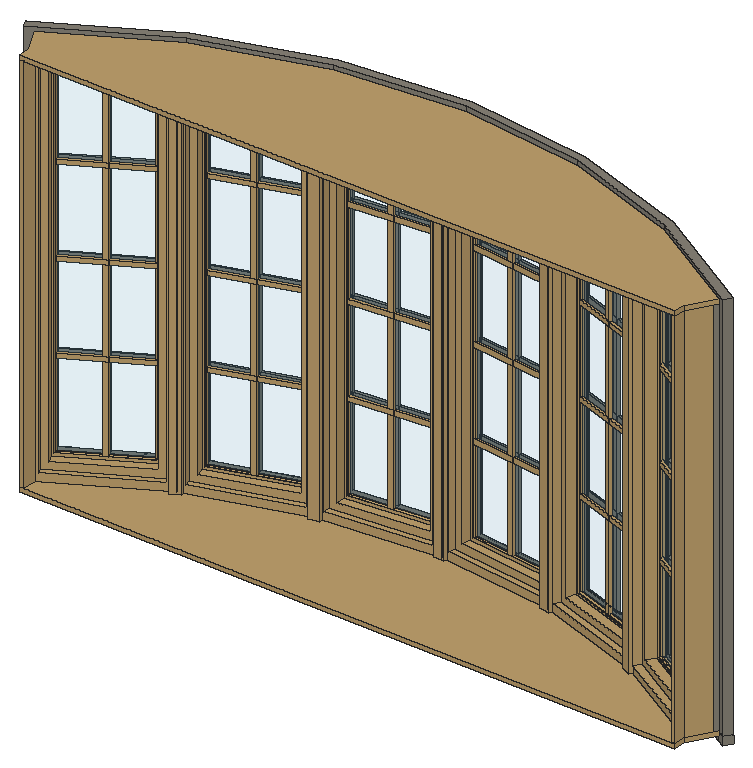
Revit family
Parameters (values of type "CUCABB_BOW_6W")
  Window Type = "Clad Ultimate Casement Bow-6 Wide"
  Void Offset_C3 = if(Casing Visibility, 0' 0", 0' 10")  # 0' - 0"
  Void Offset_SB = if(Sill Board Visibility, 0' 0 11/16", 0' 0")  # 0' - 0 11/16"
  Void Offset_S = if(Subsill A217 Visibility, 0' 1 11/32", if(Sill Board Visibility, 0' 0 11/16", if(Subsill A246 Visibility, 0' 0 9/16", 0' 0")))  # 0' - 1 11/32"
  Void Offset_HB = if(Head Board Visibility, 0' 0 11/16", 0' 0")  # 0' - 0 11/16"
  Void Offset_H = if(Flat Casing Visibility, 0' 3", if(BMC Visibility, 0' 1 5/16", if(Head Board Visibility, 0' 0 11/16", 0' 0")))  # 0' - 1 5/16"
  Void Offset_C2 = if(Flat Casing Visibility, 0' 3", 0' 1 5/16")  # 0' - 1 5/16"
  Void Offset_C = if(Casing Visibility, 0' 0", 0' 9")  # 0' - 0"
  Vent Area = VO Width * VO Height * 2  # 6.30606 SF
  VO Width = if(Unit Width < 1' 8", Unit Width - 0' 9 19/32", Unit Width - 0' 7 7/64")  # 0' - 8 13/32"
  VO Height = Height Without Seat_Head Board - 0' 5 29/256"  # 4' - 6 3/256"
  Unit Width = Nominal Unit Width  # 1' - 6"
  URL = "www.marvin.com"
  Subsill Height = if(Subsill A217 Visibility, 0' 1 11/32", 0' 0 9/16")  # 0' - 1 11/32"
  R = (Unit Width * cos(30.00°) + (Unit Width * cos(18.00°) + Unit Width * cos(6.00°))) * 2  # 8' - 5.21774"
  Prairie Corner Width = 0' - 4"
  Prairie Corner Height = 0' - 4"
  Offset_3 [instance] = if(not(Casing Visibility), 0' 0 1/16", if(Inset to Installation Flange > 0' 0 9/16", 0' 1", 0' 0"))  # 0' - 1"
  Offset_2 [instance] = if(not(Casing Visibility), 0' 0 1/16", if(Inset to Installation Flange < 0' 1", 0' 1", 0' 0"))  # 0' - 0"
  Offset [instance] = 0' 4 9/16" - Casing Offset + Inset to Installation Flange  # 0' - 4 29/32"
  Nominal Unit Width = 1' - 6"
  Muntins Interior Material = Wood-Marvin-Pine
  Muntins Exterior Material = Aluminum-Marvin-Bronze
  Lites Wide = 2
  Lite Cut Prairie 9 = no
  Lite Cut HV Grid = not(Lite Cut Prairie 9)  # yes
  Interior Material = Wood-Marvin-Pine
  Head Board Visibility = yes
  Sill Board Visibility = yes
  Projection = (Unit Width * sin(30.00°)) + (Unit Width * sin(18.00°)) + (Unit Width * sin(6.00°)) + (0' 4 9/16" - (0' 4 9/16" * cos(30.00°)))  # 1' - 5.05508"
  Glazing Material = Glass-Marvin-IG Low E II with Argon
  Frame = "Aluminum Clad"
  Elevation Swing Visibility = yes
  Design Pressure = "DP50"
  Cladding Material = Aluminum-Marvin-Bronze
  Casing Width = if(BMC Visibility, 0' 1 5/16", 0' 3")  # 0' - 1 5/16"
  Casing Visibility = yes
  Subsill Visibility = yes
  Casing Offset = if(BMC Visibility, 0' 0 21/32", if(Flat Casing Visibility, 0' 1 1/2", 0' 0"))  # 0' - 0 21/32"
  BMC Visibility = and(Casing Visibility, BMC)  # yes
  Flat Casing Visibility = and(Casing Visibility, Flat Casing)  # no
  Subsill A246 Visibility = and(Subsill Visibility, Subsill A246)  # no
  Subsill A217 Visibility = and(Subsill Visibility, Subsill A217)  # yes
  BMC = yes
  Flat Casing = not(BMC)  # no
  Subsill A246 = no
  Subsill A217 = not(Subsill A246)  # yes
  Nominal Height = 5' - 0"
  Model = "CUCABB_BOW_6W"
  Manufacturer = "Marvin Windows and Doors"
  Lites High = 4
  Label Visibility = no
  Height With Seat_Head Board = Nominal Height + 0' 0 1/2"  # 5' - 0 1/2"
  Height Without Seat_Head Board = Nominal Height - 0' 0 7/8"  # 4' - 11 1/8"
  Glass Type = "IG Low E II with Argon"
  Family created by (URL) = "www.rbuiltcomponents.com"
  Rough Width = R + 0' 4 15/16"  # 8' - 10.15524"
  Rough Height = Height + 0' 0 1/2"  # 5' - 1"
  Muntins Interior Visibility = yes
  Muntins Exterior Visibility = yes
  Inset to Installation Flange [instance] = 0' - 1"
  Height = if(and(Head Board Visibility, Sill Board Visibility), Nominal Height + 0' 0 1/2", if(or(Head Board Visibility, Sill Board Visibility), Nominal Height - 0' 0 3/16", Nominal Height - 0' 0 7/8"))  # 5' - 0 1/2"
  Description = "CSMT BOW"
  Default Head Height = 8' - 0"
  Wall Closure = (empty or 0)
  Width = Rough Width  # 8' - 10.15524"
  Daylight Area = DLO Width * DLO Height * 6  # 27.0728 SF
  DLO Width = Unit Width - 0' 5 13/16"  # 1' - 0 3/16"
  DLO Height = Height Without Seat_Head Board - 0' 5 13/16"  # 4' - 5 5/16"
  Assembly Code = ""
Reference planes
  plane 1 "Center (Front/Back)": y = 165.864
  plane 2: z = 0
  plane 3 "Center (Left/Right)": x = -76.2
  plane 4 "Sill": z = 919.163
  plane 5 "Top": z = 2420.938
  plane 6 "Inset": y = 233.332
  plane 7 "Jamb Ext Face": y = 117.445
  plane 8: z = 1670.05
  plane 9: y = 132.973
  plane 10 "HB": z = 2438.4
  plane 11 "SB": z = 901.7
  plane 12 "Offset_H": z = 2454.275
  plane 13 "Offset_S": z = 885.031
  plane 14 "Subsill": z = 885.031
  plane 15 "Offset_HB": z = 2438.4
  plane 16 "Offset_SB": z = 901.7
  plane 17 "Casing": z = 2454.275
  plane 18: x = -1361.665
  plane 19: x = 1209.265
  plane 20: x = -1424.372
  plane 21: x = 1271.972
  plane 22: y = 666.531
Forms (mm)
  Extrusion 1, void
    sketch origin (0, 0, 919.163) x (0, -1, 0) y (1, 0, 0)
      loop
        line (-132.973, -1361.665) -> (-89.664, -1361.665) -> (-89.664, 1209.265) -> (-132.973, 1209.265) -> (-132.973, -1361.665)
    from -17.462 to 1519.237
  Extrusion 2, void
    sketch origin (0, 0, 919.163) x (0, -1, 0) y (1, 0, 0)
      loop
        line (-242.064, -1424.649) -> (-132.973, -1361.665) -> (-132.973, 1209.265) -> (-242.064, 1272.249) -> (-242.064, -1424.649)
    from -34.131 to 1535.113
  Extrusion 3, solid, material "Wood-Marvin-Pine" <- "Interior Material", visible <- "Head Board Visibility"
    sketch origin (0, 0, 2420.938) x (0, -1, 0) y (1, 0, 0)
      loop
        line (-132.973, 1209.265) -> (-233.334, 1267.209) -> (-468.024, 860.714) -> (-616.835, 402.722) -> (-667.171, -76.2) -> (-616.835, -555.122) -> (-468.024, -1013.114) -> (-233.334, -1419.609) -> (-132.973, -1361.665) -> (-89.664, -1361.665) -> (-89.664, 1209.265) -> (-132.973, 1209.265)
    from 17.462 to 0
  Sweep 4, solid, material "Aluminum-Marvin-Bronze" <- "Cladding Material", visible <- "Flat Casing Visibility"
    path in 3D
      loop
        line (-1448.483, 216.664, 885.031) -> (-1448.483, 216.664, 2454.275) -> (-1013.114, 468.024, 2454.275) -> (-555.122, 616.835, 2454.275) -> (-76.2, 667.171, 2454.275) -> (402.722, 616.835, 2454.275) -> (860.714, 468.024, 2454.275) -> (1296.083, 216.664, 2454.275) -> (1296.083, 216.664, 885.031)
    profile "Flat_Casing_Clad : Flat_Casing_Clad" origin (-1448.483, 216.664, 1669.653) x (1, 0, 0) y (0, 1, 0)
      loop
        line (52.101, 62.159) -> (-13.891, 24.059) -> (0, 0) -> (65.991, 38.1) -> (52.101, 62.159)
  Sweep 5, solid, material "Aluminum-Marvin-Bronze" <- "Cladding Material", visible <- "Subsill Visibility"
    path in 3D
      loop
        line (1296.083, 216.664, 885.031) -> (860.714, 468.024, 885.031) -> (402.722, 616.835, 885.031) -> (-76.2, 667.171, 885.031) -> (-555.122, 616.835, 885.031) -> (-1013.114, 468.024, 885.031) -> (-1448.483, 216.664, 885.031)
    profile origin (1078.398, 342.344, 885.031) x (-0.5, -0.866025, 0) y (0, 0, 1)
      loop
        line (0, 34.131) -> (-27.788, 34.131) -> (-27.788, 30.254) -> (-34.131, 29.369) -> (-34.131, 0) -> (0, 0) -> (0, 34.131)
  Sweep 6, solid, material "Aluminum-Marvin-Bronze" <- "Cladding Material", visible <- "BMC Visibility"
    path in 3D
      loop
        line (-1448.483, 216.664, 885.031) -> (-1448.483, 216.664, 2454.275) -> (-1013.114, 468.024, 2454.275) -> (-555.122, 616.835, 2454.275) -> (-76.2, 667.171, 2454.275) -> (402.722, 616.835, 2454.275) -> (860.714, 468.024, 2454.275) -> (1296.083, 216.664, 2454.275) -> (1296.083, 216.664, 885.031)
    profile "BMC_Clad : BMC_Clad" origin (-1448.483, 216.664, 1669.653) x (1, 0, 0) y (0, 1, 0)
      loop
        line (-2.75, 35.073) -> (-15.873, 27.496) -> (0.002, 0) -> (28.873, 16.669) -> (14.982, 40.728) -> (6.605, 35.892) -> (-2.75, 35.073)
  Extrusion 7, solid, material "Wood-Marvin-Pine" <- "Interior Material", visible <- "Sill Board Visibility"
    sketch origin (0, 0, 919.163) x (0, -1, 0) y (1, 0, 0)
      loop
        line (-132.973, 1209.265) -> (-233.334, 1267.209) -> (-468.024, 860.714) -> (-616.835, 402.722) -> (-667.171, -76.2) -> (-616.835, -555.122) -> (-468.024, -1013.114) -> (-233.334, -1419.609) -> (-132.973, -1361.665) -> (-89.664, -1361.665) -> (-89.664, 1209.265) -> (-132.973, 1209.265)
    from 0 to -17.462
  Extrusion 8, void
    sketch origin (16.33, -540.701, 919.163) x (0, -1, 0) y (1, 0, 0)
      loop
        line (-757.364, 1279.753) -> (-1008.725, 844.383) -> (-1157.535, 386.392) -> (-1207.872, -92.53) -> (-1157.535, -571.453) -> (-1008.725, -1029.444) -> (-757.364, -1464.814) -> (-757.364, 1279.753)
    from -34.131 to 1535.113
  Extrusion 9, solid, material "Wood-Marvin-Pine" <- "Interior Material"
    sketch origin (6.34, 3.211, 919.163) x (0, -1, 0) y (1, 0, 0)
      loop
        line (-86.453, -1368.006) -> (-86.453, -1352.924) -> (-138.469, -1352.924) -> (-129.762, -1368.006) -> (-86.453, -1368.006)
      loop
        line (-86.453, 1202.925) -> (-129.762, 1202.925) -> (-138.462, 1187.856) -> (-86.453, 1187.856) -> (-86.453, 1202.925)
    from 0 to 1501.775
  Extrusion 10, void
    sketch origin (0, 0, 919.163) x (0, -1, 0) y (1, 0, 0)
      loop
        line (-233.334, -1419.609) -> (-497.299, -1572.009) -> (-480.63, -1600.88) -> (-216.665, -1448.48) -> (-233.334, -1419.609)
      loop
        line (-233.334, 1267.209) -> (-216.665, 1296.08) -> (-480.63, 1448.48) -> (-497.299, 1419.609) -> (-233.334, 1267.209)
    from -34.131 to 1535.113
Cuts and joins
  Extrusion 10 cuts Extrusion 3
  Extrusion 10 cuts Extrusion 7
Lines and regions (mm)
  Masking region 1
    outline origin (-76.2, 190.5, 0) x (0, 1, 0) y (0, 0, 1)
      loop
        line (501.65, 2420.938) -> (-100.836, 2420.938) -> (-100.836, 919.163) -> (501.65, 919.163) -> (501.65, 2420.938)
  Masking region 2, visible <- "BMC Visibility", detail levels fine
    outline origin (0, 0, 919.163) x (0, -1, 0) y (1, 0, 0)
      loop
        line (-257.392, -1433.501) -> (-252.555, -1441.878) -> (-251.737, -1451.233) -> (-244.16, -1464.357) -> (-216.664, -1448.482) -> (-233.332, -1419.611) -> (-257.392, -1433.501)
      loop
        line (-257.392, 1281.101) -> (-233.332, 1267.211) -> (-216.664, 1296.082) -> (-244.16, 1311.957) -> (-251.737, 1298.833) -> (-252.555, 1289.478) -> (-257.392, 1281.101)
  Masking region 3, visible <- "Flat Casing Visibility", detail levels fine
    outline origin (0, 0, 919.163) x (0, -1, 0) y (1, 0, 0)
      loop
        line (-216.664, -1448.483) -> (-254.764, -1382.492) -> (-278.823, -1396.383) -> (-240.723, -1462.374) -> (-216.664, -1448.483)
      loop
        line (-216.664, 1296.083) -> (-240.728, 1309.977) -> (-278.828, 1243.986) -> (-254.764, 1230.092) -> (-216.664, 1296.083)
  Masking region 4, visible <- "Subsill Visibility"
    outline origin (-1194.048, 0, 0) x (0, -1, 0) y (0, 0, 1)
      loop
        line (-132.973, 919.163) -> (-695.112, 919.163) -> (-695.112, 915.285) -> (-701.491, 914.4) -> (-701.491, 885.031) -> (-132.973, 885.031) -> (-132.973, 919.163)
  Masking region 5, visible <- "Sill Board Visibility"
    outline origin (-1194.048, 0, 0) x (0, -1, 0) y (0, 0, 1)
      loop
        line (-666.531, 919.163) -> (-666.531, 901.7) -> (-89.664, 901.7) -> (-89.664, 919.163) -> (-666.531, 919.163)
  Masking region 6, visible <- "Casing Visibility"
    outline origin (-1194.048, 0, 0) x (0, -1, 0) y (0, 0, 1)
      loop
        line (-694.319, 2454.275) -> (-694.319, 2420.938) -> (-132.973, 2420.938) -> (-132.973, 2454.275) -> (-694.319, 2454.275)
  Masking region 7, visible <- "Head Board Visibility"
    outline origin (-1194.048, 0, 0) x (0, -1, 0) y (0, 0, 1)
      loop
        line (-666.531, 2438.4) -> (-666.531, 2420.938) -> (-89.664, 2420.938) -> (-89.664, 2438.4) -> (-666.531, 2438.4)
  Masking region 8, visible <- "BMC Visibility", detail levels coarse+medium
    outline origin (0, 0, 919.163) x (0, -1, 0) y (1, 0, 0)
      loop
        line (-257.392, -1433.501) -> (-252.555, -1441.878) -> (-251.737, -1451.233) -> (-244.16, -1464.357) -> (-216.664, -1448.482) -> (-233.333, -1419.611) -> (-257.392, -1433.501)
      loop
        line (-257.392, 1281.101) -> (-233.332, 1267.211) -> (-216.664, 1296.082) -> (-244.16, 1311.957) -> (-251.737, 1298.833) -> (-252.555, 1289.478) -> (-257.392, 1281.101)
  Masking region 9, visible <- "Flat Casing Visibility", detail levels coarse+medium
    outline origin (0, 0, 919.163) x (0, -1, 0) y (1, 0, 0)
      loop
        line (-216.664, -1448.483) -> (-254.764, -1382.492) -> (-278.823, -1396.383) -> (-240.723, -1462.374) -> (-216.664, -1448.483)
      loop
        line (-216.664, 1296.083) -> (-240.728, 1309.977) -> (-278.828, 1243.986) -> (-254.764, 1230.092) -> (-216.664, 1296.083)
  Masking region 10, visible <- "Sill Board Visibility"
    outline origin (0, 0, 919.163) x (0, -1, 0) y (1, 0, 0)
      loop
        line (-89.664, 1209.265) -> (-132.973, 1209.265) -> (-361.573, 813.318) -> (-502.855, 378.495) -> (-550.645, -76.2) -> (-502.855, -530.895) -> (-361.573, -965.718) -> (-132.973, -1361.665) -> (-89.664, -1361.665) -> (-89.664, 1209.265)
  Masking region 11
    outline origin (0, 0, 919.163) x (0, -1, 0) y (1, 0, 0)
      loop
        line (-141.68, -1346.584) -> (-361.573, -965.718) -> (-502.855, -530.895) -> (-550.645, -76.2) -> (-502.855, 378.495) -> (-361.573, 813.318) -> (-141.672, 1194.197) -> (-89.664, 1194.197) -> (-89.664, 1209.265) -> (-132.973, 1209.265) -> (-257.399, 1281.103) -> (-493.549, 872.078) -> (-644.165, 408.532) -> (-695.112, -76.2) -> (-644.165, -560.932) -> (-493.549, -1024.478) -> (-257.399, -1433.503) -> (-132.973, -1361.665) -> (-89.664, -1361.665) -> (-89.664, -1346.584) -> (-141.68, -1346.584)
  symbolic lines, style "WindowsFrameMullionProjection", detail levels coarse+medium
    curve 1: line (-76.2, 694.319, 2420.937) -> (-76.2, 694.319, 2390.762)
    curve 2: line (-76.2, 694.319, 2390.762) -> (-76.2, 550.657, 2390.762)
    curve 3: line (-76.2, 550.657, 2390.762) -> (-76.2, 550.657, 2420.938)
    curve 4: line (-76.2, 657.235, 2390.762) -> (-76.2, 657.235, 2347.379)
    curve 5: line (-76.2, 657.235, 2347.379) -> (-76.2, 616.062, 2347.379)
    curve 6: line (-76.2, 616.062, 949.338) -> (-76.2, 616.062, 992.721)
    curve 7: line (-76.2, 694.321, 919.163) -> (-76.2, 694.321, 949.338)
    curve 8: line (-76.2, 694.321, 949.338) -> (-76.2, 550.657, 949.338)
    curve 9: line (-76.2, 550.657, 949.338) -> (-76.2, 550.657, 919.163)
    curve 10: line (-76.2, 657.235, 992.721) -> (-76.2, 616.062, 992.721)
    curve 11: line (-76.2, 616.062, 992.721) -> (-76.2, 616.062, 2347.379)
    curve 12: line (-76.2, 657.235, 992.721) -> (-76.2, 657.235, 949.338)
    curve 13: line (-76.2, 616.062, 2347.379) -> (-76.2, 616.062, 2390.762)
    curve 14: line (-76.2, 657.235, 2347.379) -> (-76.2, 657.235, 992.721)
    curve 19: line (-1194.048, 695.112, 919.163) -> (-1194.048, 550.657, 919.163)
    curve 29: line (-1194.048, 550.657, 2420.938) -> (-1194.048, 694.319, 2420.938)
    curve 60: line (-1346.584, 89.664, 919.163) -> (-1361.665, 89.664, 919.163)
    curve 61: line (-1346.584, 137.873, 919.163) -> (-1346.584, 89.664, 919.163)
    curve 62: line (1209.265, 89.664, 919.163) -> (1194.184, 89.664, 919.163)
    curve 63: line (1194.184, 89.664, 919.163) -> (1194.184, 141.68, 919.163)
  symbolic lines, style "WindowsFrameMullionProjection"
    curve 15: line (-76.2, 550.657, 949.338) -> (-76.2, 550.657, 2390.762)
    curve 42: line (-1194.048, 346.496, 2347.379) -> (-1194.048, 233.197, 2347.379)
    curve 43: line (-1194.048, 233.197, 2347.379) -> (-1194.048, 233.197, 992.721)
    curve 44: line (-1194.048, 233.197, 992.721) -> (-1194.048, 346.496, 992.721)
    curve 45: line (-1194.048, 346.496, 2390.762) -> (-1194.048, 148.071, 2390.762)
    curve 46: line (-1194.048, 148.071, 949.338) -> (-1194.048, 346.496, 949.338)
    curve 47: line (-1194.048, 218.859, 2390.762) -> (-1194.048, 218.859, 949.338)
    curve 48: line (-1194.048, 132.984, 919.163) -> (-1194.048, 132.984, 2420.938)
    curve 49: line (-1194.048, 148.071, 949.338) -> (-1194.048, 148.071, 2390.762)
    curve 50: line (-1194.048, 346.496, 949.338) -> (-1194.048, 346.496, 2390.762)
    curve 55: line (-1194.048, 493.543, 2390.762) -> (-1194.048, 370.909, 2390.762)
    curve 56: line (-1194.048, 370.909, 949.338) -> (-1194.048, 493.543, 949.338)
    curve 57: line (-1194.048, 370.909, 949.338) -> (-1194.048, 370.909, 2390.762)
    curve 58: line (-1194.048, 493.543, 949.338) -> (-1194.048, 493.543, 2390.762)
    curve 59: line (-1194.048, 361.584, 919.163) -> (-1194.048, 361.584, 2420.938)
    curve 87: line (-1194.048, 447.46, 2347.379) -> (-1194.048, 493.543, 2347.379)
    curve 88: line (-1194.048, 493.543, 992.721) -> (-1194.048, 447.46, 992.721)
    curve 89: line (-1194.048, 447.46, 2347.379) -> (-1194.048, 447.46, 992.721)
    curve 90: line (-1194.048, 441.856, 2390.762) -> (-1194.048, 441.856, 949.338)
    curve 91: line (-1194.048, 550.657, 2390.762) -> (-1194.048, 506.022, 2390.762)
    curve 92: line (-1194.048, 506.022, 949.338) -> (-1194.048, 550.657, 949.338)
    curve 93: line (-1194.048, 506.022, 949.338) -> (-1194.048, 506.022, 2390.762)
    curve 94: line (-1194.048, 502.868, 919.163) -> (-1194.048, 502.868, 2420.938)
  symbolic lines, style "WindowsGlassProjection", detail levels coarse+medium
    curve 16: line (-1194.048, 636.648, 992.721) -> (-1194.048, 636.648, 2347.379)
  symbolic lines, style "Jamb Extension", visible <- "Subsill Visibility", detail levels fine
    curve 17: line (-1194.048, 701.491, 885.031) -> (-1194.048, 666.531, 885.031)
    curve 18: line (-1194.048, 666.531, 885.031) -> (-1194.048, 666.531, 919.163)
  symbolic lines, style "WindowsFrameMullionProjection", visible <- "Subsill Visibility", detail levels coarse+medium
    curve 20: line (-1194.048, 695.112, 919.163) -> (-1194.048, 695.112, 915.285)
    curve 21: line (-1194.048, 695.112, 915.285) -> (-1194.048, 701.491, 914.4)
    curve 22: line (-1194.048, 701.491, 914.4) -> (-1194.048, 701.491, 885.031)
    curve 23: line (-1194.048, 701.491, 885.031) -> (-1194.048, 666.531, 885.031)
    curve 24: line (-1194.048, 666.531, 885.031) -> (-1194.048, 666.531, 919.163)
  symbolic lines, style "WindowsFrameMullionProjection", visible <- "Sill Board Visibility", detail levels coarse+medium
    curve 25: line (-1194.048, 89.664, 919.163) -> (-1194.048, 666.531, 919.163)
    curve 26: line (-1194.048, 666.531, 901.7) -> (-1194.048, 89.664, 901.7)
    curve 27: line (-1194.048, 89.664, 901.7) -> (-1194.048, 89.664, 919.163)
    curve 28: line (-1194.048, 666.531, 919.163) -> (-1194.048, 666.531, 901.7)
  symbolic lines, style "WindowsFrameMullionProjection", visible <- "Head Board Visibility", detail levels coarse+medium
    curve 30: line (-1194.048, 666.531, 2438.4) -> (-1194.048, 89.664, 2438.4)
    curve 31: line (-1194.048, 666.531, 2420.938) -> (-1194.048, 666.531, 2438.4)
    curve 32: line (-1194.048, 89.664, 2420.938) -> (-1194.048, 666.531, 2420.938)
    curve 33: line (-1194.048, 89.664, 2438.4) -> (-1194.048, 89.664, 2420.938)
  symbolic lines, style "WindowsFrameMullionProjection", visible <- "Casing Visibility", detail levels coarse+medium
    curve 34: line (-1194.048, 694.319, 2454.275) -> (-1194.048, 666.531, 2454.275)
    curve 35: line (-1194.048, 694.319, 2420.938) -> (-1194.048, 694.319, 2454.275)
    curve 36: line (-1194.048, 666.531, 2420.938) -> (-1194.048, 694.319, 2420.938)
    curve 37: line (-1194.048, 666.531, 2454.275) -> (-1194.048, 666.531, 2420.938)
  symbolic lines, style "Jamb Extension", visible <- "Casing Visibility", detail levels fine
    curve 38: line (-1194.048, 694.319, 2454.275) -> (-1194.048, 666.531, 2454.275)
    curve 39: line (-1194.048, 694.319, 2420.938) -> (-1194.048, 694.319, 2454.275)
    curve 40: line (-1194.048, 666.531, 2420.938) -> (-1194.048, 694.319, 2420.938)
    curve 41: line (-1194.048, 666.531, 2454.275) -> (-1194.048, 666.531, 2420.938)
  symbolic lines, style "Elevation Swing", visible <- "Elevation Swing Visibility"
    curve 51: line (896.618, 604.46, 932.397) -> (1267.211, 604.46, 1670.05)
    curve 52: line (1267.211, 604.46, 1670.05) -> (896.618, 604.46, 2407.703)
    curve 53: line (-1049.018, 604.46, 932.397) -> (-1419.611, 604.46, 1670.05)
    curve 54: line (-1419.611, 604.46, 1670.05) -> (-1049.018, 604.46, 2407.703)
  sketch lines
    curve 64: line (-1448.483, 216.664, 885.031) -> (-1448.483, 216.664, 2454.275)
    curve 65: line (-1448.483, 216.664, 2454.275) -> (-1013.114, 468.024, 2454.275)
    curve 66: line (860.714, 468.024, 2454.275) -> (1296.083, 216.664, 2454.275)
    curve 67: line (1296.083, 216.664, 885.031) -> (1296.083, 216.664, 2454.275)
    curve 68: line (-1448.483, 216.664, 885.031) -> (-1448.483, 216.664, 2454.275)
    curve 69: line (-1448.483, 216.664, 2454.275) -> (-1013.114, 468.024, 2454.275)
    curve 70: line (860.714, 468.024, 2454.275) -> (1296.083, 216.664, 2454.275)
    curve 71: line (1296.083, 216.664, 885.031) -> (1296.083, 216.664, 2454.275)
    curve 72: line (1296.083, 216.664, 885.031) -> (860.714, 468.024, 885.031)
    curve 73: line (-1013.114, 468.024, 885.031) -> (-1448.483, 216.664, 885.031)
    curve 75: line (-76.2, 667.171, 885.031) -> (-555.122, 616.835, 885.031)
    curve 76: line (402.722, 616.835, 885.031) -> (-76.2, 667.171, 885.031)
    curve 77: line (860.714, 468.024, 885.031) -> (402.722, 616.835, 885.031)
    curve 78: line (-555.122, 616.835, 885.031) -> (-1013.114, 468.024, 885.031)
    curve 79: line (-76.2, 667.171, 2454.275) -> (402.722, 616.835, 2454.275)
    curve 80: line (-555.122, 616.835, 2454.275) -> (-76.2, 667.171, 2454.275)
    curve 81: line (402.722, 616.835, 2454.275) -> (860.714, 468.024, 2454.275)
    curve 82: line (-1013.114, 468.024, 2454.275) -> (-555.122, 616.835, 2454.275)
    curve 83: line (-555.122, 616.835, 2454.275) -> (-76.2, 667.171, 2454.275)
    curve 84: line (-76.2, 667.171, 2454.275) -> (402.722, 616.835, 2454.275)
    curve 85: line (-1013.114, 468.024, 2454.275) -> (-555.122, 616.835, 2454.275)
    curve 86: line (402.722, 616.835, 2454.275) -> (860.714, 468.024, 2454.275)
  reference lines
    curve 74: line (-1361.665, 132.973, 919.163) -> (1209.265, 132.973, 919.163)
    curve 95: line (-1361.665, 132.973, 919.163) -> (-965.718, 361.573, 919.163)
    curve 96: line (1209.265, 132.973, 919.163) -> (813.318, 361.573, 919.163)
    curve 97: line (-965.718, 361.573, 919.163) -> (-530.895, 502.855, 919.163)
    curve 98: line (813.318, 361.573, 919.163) -> (378.495, 502.855, 919.163)
    curve 99: line (378.495, 502.855, 919.163) -> (-76.2, 550.645, 919.163)
    curve 100: line (-530.895, 502.855, 919.163) -> (-76.2, 550.645, 919.163)
    curve 101: line (-1361.665, 132.973, 919.163) -> (-1419.609, 233.334, 919.163)
    curve 102: line (1209.265, 132.973, 919.163) -> (1267.209, 233.334, 919.163)
    curve 103: line (-555.122, 616.835, 919.163) -> (-76.2, 667.171, 919.163)
    curve 104: line (402.722, 616.835, 919.163) -> (-76.2, 667.171, 919.163)
    curve 105: line (-1013.114, 468.024, 919.163) -> (-555.122, 616.835, 919.163)
    curve 106: line (860.714, 468.024, 919.163) -> (402.722, 616.835, 919.163)
    curve 107: line (-1419.609, 233.334, 919.163) -> (-1013.114, 468.024, 919.163)
    curve 108: line (1267.209, 233.334, 919.163) -> (860.714, 468.024, 919.163)
Text (mm)
  text "EXTERIOR" at (-1490.695, 1293.036, 0), in view "Ref. Level"
  text "INTERIOR" at (-1490.695, -959.266, 0), in view "Ref. Level"
  text "Exterior" at (0, 1108.87, 3129.179), in view "Left"
  text "Exterior" at (0, 464.664, 3176.206), in view "Right"
Dimensions and locks
  "Height With Seat_Head Board": plane 11 "SB" to plane 10 "HB"
  "Offset": host wall to plane 7 "Jamb Ext Face"
  locked: plane 7 "Jamb Ext Face" to plane 6 "Inset" at 115.888
  equal spacing: plane 4 "Sill", plane 8, plane 5 "Top"
  "Default Head Height": plane 2 to plane 10 "HB"
  locked: plane 7 "Jamb Ext Face" to plane 9 at 15.528
  locked: plane 5 "Top" to plane 10 "HB" at 17.462
  locked: plane 11 "SB" to plane 4 "Sill" at 17.463
  "Void Offset_H": plane 12 "Offset_H" to plane 5 "Top"
  "Void Offset_S": plane 4 "Sill" to plane 13 "Offset_S"
  "Subsill Height": plane 14 "Subsill" to plane 4 "Sill"
  "Void Offset_HB": plane 5 "Top" to plane 15 "Offset_HB"
  "Void Offset_SB": plane 16 "Offset_SB" to plane 4 "Sill"
  locked: Masking region 5 sketch curve to plane 4 "Sill" at 17.462
  locked: plane 5 "Top" to Masking region 7 sketch curve at 17.462
  "Casing Width": plane 5 "Top" to plane 17 "Casing"
  locked: Sweep 5 sketch curve to Sweep 5 sketch curve at 34.131
  "Casing Offset": Extrusion 8 sketch curve to plane 6 "Inset"
  locked: Sweep 5 sketch curve to Sweep 5 sketch curve at 0.885
  equal spacing: Sweep 5 sketch curve, Sweep 5 sketch curve, plane 4 "Sill"
  locked: Extrusion 9 sketch curve to plane 19 at 15.069
  locked: plane 18 to Extrusion 9 sketch curve at 15.081
  equal spacing: plane 20, plane 3 "Center (Left/Right)", plane 21
  locked: plane 20 to plane 18 at 62.706
  locked: plane 19 to plane 21 at 62.706
  "Rough Width": plane 20 to plane 21
  "Projection": plane 6 "Inset" to plane 22
  locked: plane 22 to nested 1 at 228.6
  "Unit Width": curve 95 to curve 95
  "Unit Width": curve 96 to curve 96
  "Unit Width": curve 97 to curve 97
  "Unit Width": curve 98 to curve 98
  "Unit Width": curve 99 to curve 99
  "Unit Width": curve 100 to curve 100
  locked: curve 101 to curve 101 at 115.887
  locked: curve 102 to curve 102 at 115.888
  locked: curve 97 to curve 105 at 115.888
  locked: curve 100 to curve 103 at 115.888
  locked: curve 104 to curve 99 at 115.887
  locked: curve 106 to curve 98 at 115.888
  equal spacing: curve 97, nested 9, curve 97
  equal spacing: curve 98, nested 10, curve 98
  equal spacing: curve 100, nested 12, curve 100
  equal spacing: curve 99, nested 11, curve 99
  "Void Offset_C3": curve 107 to Extrusion 10 sketch curve
  "Void Offset_C2": Extrusion 10 sketch curve to Extrusion 10 sketch curve  (x2)
  "Void Offset_C3": Extrusion 10 sketch curve to curve 108
  locked: curve 74 to curve 95 (angle 30.00°)
  locked: curve 96 to curve 74 (angle 30.00°)
  locked: curve 95 to curve 97 (angle 168.00°)
  locked: curve 98 to curve 96 (angle 168.00°)
  locked: curve 99 to curve 98 (angle 168.00°)
  locked: curve 97 to curve 100 (angle 168.00°)
  angle curve 100 to curve 99 = 168.00°
  locked: curve 95 to curve 101 (angle 90.00°)
  locked: curve 102 to curve 96 (angle 90.00°)
  locked: curve 107 to curve 105 (angle 168.00°)
  locked: curve 105 to curve 103 (angle 168.00°)
  locked: curve 103 to curve 104 (angle 168.00°)
  locked: curve 104 to curve 106 (angle 168.00°)
  locked: curve 106 to curve 108 (angle 168.00°)
  aligned and locked: Masking region 1 sketch curve to plane 5 "Top"
  aligned and locked: Masking region 1 sketch curve to plane 4 "Sill"
  aligned and locked: plane 3 "Center (Left/Right)" to nested 1
  aligned and locked: curve 8 to curve 15
  aligned and locked: Extrusion 1 sketch curve to plane 9
  aligned and locked: Extrusion 1 sketch curve to host wall
  aligned and locked: plane 9 to Extrusion 2 sketch curve
  aligned and locked: Extrusion 2 sketch curve to host wall
  aligned and locked: Extrusion 3 to plane 5 "Top"
  aligned and locked: Extrusion 3 to plane 10 "HB"
  aligned and locked: plane 13 "Offset_S" to Extrusion 2
  aligned and locked: Extrusion 2 to plane 12 "Offset_H"
  aligned and locked: Extrusion 1 to plane 15 "Offset_HB"
  aligned and locked: plane 16 "Offset_SB" to Extrusion 1
  aligned and locked: nested 2 to plane 4 "Sill"
  aligned and locked: Masking region 1 sketch curve to host wall
  aligned and locked: curve 4 to nested 2
  aligned and locked: curve 13 to nested 2
  aligned and locked: curve 9 to nested 2
  aligned and locked: curve 5 to nested 2
  aligned and locked: curve 10 to nested 2
  aligned and locked: Masking region 4 sketch curve to plane 4 "Sill"
  aligned and locked: Masking region 5 sketch curve to host wall
  aligned and locked: Masking region 5 sketch curve to plane 4 "Sill"
  aligned and locked: nested 2 to curve 18
  aligned and locked: curve 19 to nested 2  (x2)
  aligned and locked: curve 25 to Masking region 5
  aligned and locked: curve 26 to Masking region 5
  aligned and locked: curve 27 to Masking region 5
  aligned and locked: Masking region 6 sketch curve to plane 5 "Top"
  aligned and locked: Masking region 7 sketch curve to host wall
  aligned and locked: nested 2 to curve 29
  aligned and locked: curve 32 to Masking region 7
  aligned and locked: curve 33 to Extrusion 3
  aligned and locked: plane 5 "Top" to curve 36
  aligned and locked: curve 30 to Masking region 7
  aligned and locked: plane 17 "Casing" to Masking region 6 sketch curve
  aligned and locked: plane 17 "Casing" to curve 38
  aligned and locked: curve 29 to nested 2
  aligned and locked: plane 9 to Masking region 6 sketch curve
  aligned and locked: Masking region 4 sketch curve to plane 9
  aligned and locked: plane 1 "Center (Front/Back)" to host wall
  aligned and locked: plane 4 "Sill" to Sweep 5 sketch curve
  aligned and locked: plane 5 "Top" to nested 5
  aligned and locked: plane 5 "Top" to nested 3
  aligned and locked: nested 4 to plane 5 "Top"
  aligned and locked: plane 4 "Sill" to nested 5
  aligned and locked: plane 4 "Sill" to nested 3
  aligned and locked: nested 4 to plane 4 "Sill"
  aligned: Extrusion 7 to plane 4 "Sill"
  aligned: plane 11 "SB" to Extrusion 7
  aligned: nested 6 to Extrusion 7
  aligned: nested 7 to plane 3 "Center (Left/Right)"
  aligned: nested 7 to plane 9
  aligned: nested 4 to nested 7  (x2)
  aligned and locked: nested 6 to plane 5 "Top"
  aligned and locked: plane 5 "Top" to nested 8
  aligned: nested 5 to nested 8
  aligned and locked: nested 9 to plane 5 "Top"
  aligned and locked: plane 5 "Top" to nested 10
  aligned: nested 3 to nested 10
  aligned and locked: plane 14 "Subsill" to Sweep 5 sketch curve
  aligned and locked: Extrusion 8 to plane 12 "Offset_H"
  aligned: plane 13 "Offset_S" to Extrusion 8
  aligned and locked: Masking region 9 sketch curve to Sweep 4  (x6)
  aligned and locked: Masking region 3 sketch curve to Sweep 4  (x5)
  aligned and locked: Masking region 10 sketch curve to host wall
  aligned and locked: host wall to Extrusion 9 sketch curve
  aligned and locked: Extrusion 9 sketch curve to host wall
  aligned and locked: Extrusion 9 to plane 5 "Top"
  aligned and locked: plane 4 "Sill" to Extrusion 9
  aligned: Masking region 11 sketch curve to Extrusion 9
  aligned and locked: curve 1 to nested 2
  aligned and locked: curve 39 to curve 1
  aligned and locked: nested 2 to Masking region 6 sketch curve
  aligned and locked: nested 8 to curve 52
  aligned and locked: curve 51 to nested 8
  aligned and locked: plane 14 "Subsill" to Extrusion 8
  aligned and locked: plane 14 "Subsill" to Masking region 4 sketch curve
  aligned and locked: plane 14 "Subsill" to curve 23
  aligned and locked: Masking region 11 sketch curve to Sweep 5  (x6)
  aligned and locked: nested 6 to curve 42
  aligned and locked: curve 44 to nested 6
  aligned and locked: curve 58 to nested 9
  aligned and locked: curve 57 to nested 9
  aligned and locked: curve 48 to nested 6
  aligned and locked: curve 49 to nested 6
  aligned and locked: curve 47 to nested 6
  aligned and locked: curve 50 to nested 6
  aligned and locked: curve 59 to nested 6
  aligned and locked: nested 6 to curve 43
  aligned and locked: curve 74 to plane 9
  aligned: nested 8 to Sweep 5
  aligned and locked: plane 19 to Extrusion 3 sketch curve
  aligned and locked: plane 18 to Extrusion 3 sketch curve
  aligned and locked: plane 19 to Extrusion 7 sketch curve
  aligned and locked: plane 18 to Extrusion 7 sketch curve
  aligned and locked: plane 18 to Extrusion 1 sketch curve
  aligned and locked: plane 19 to Extrusion 1 sketch curve
  aligned and locked: plane 18 to Extrusion 9 sketch curve
  aligned and locked: Extrusion 9 sketch curve to plane 19
  aligned and locked: plane 18 to Masking region 11 sketch curve
  aligned and locked: Masking region 11 sketch curve to Extrusion 9  (x2)
  aligned and locked: plane 19 to Masking region 11 sketch curve
  aligned and locked: Masking region 11 to curve 63
  aligned and locked: plane 18 to Masking region 10 sketch curve
  aligned and locked: Masking region 10 sketch curve to plane 19
  aligned: nested 5 to nested 7
  aligned: nested 3 to nested 7
  aligned: nested 14 to nested 6
  aligned: nested 13 to nested 8
  aligned and locked: nested 7 to plane 9
  aligned and locked: nested 7 to plane 3 "Center (Left/Right)"
  aligned and locked: Extrusion 8 to Masking region 8 sketch curve
  aligned and locked: Masking region 8 sketch curve to Sweep 6  (x10)
  aligned and locked: Sweep 6 to Masking region 8 sketch curve
  aligned and locked: Masking region 2 sketch curve to Sweep 6  (x8)
  aligned and locked: Masking region 2 sketch curve to Masking region 8  (x3)
  aligned and locked: Sweep 6 to Masking region 2 sketch curve
  aligned and locked: Sweep 5 to Masking region 9 sketch curve  (x2)
  aligned and locked: Sweep 5 to Masking region 3 sketch curve
  aligned: Masking region 3 sketch curve to Extrusion 8
  aligned and locked: Sweep 4 to Masking region 3 sketch curve
  aligned and locked: nested 6 to curve 53  (x2)
  aligned and locked: nested 8 to curve 51
  aligned and locked: curve 54 to nested 6
  aligned and locked: Masking region 1 sketch curve to nested 12
  aligned and locked: plane 22 to nested 2
  aligned and locked: curve 5 to curve 16
  aligned and locked: curve 10 to curve 16
  aligned and locked: plane 22 to Masking region 7 sketch curve
  aligned and locked: Masking region 4 sketch curve to Sweep 5  (x3)
  aligned and locked: curve 22 to Sweep 5
  aligned and locked: curve 21 to Sweep 5
  aligned and locked: curve 20 to Sweep 5
  aligned and locked: plane 22 to curve 24
  aligned and locked: plane 22 to Masking region 5 sketch curve
  aligned and locked: curve 42 to curve 87
  aligned and locked: curve 88 to curve 44
  aligned and locked: curve 94 to nested 12
  aligned and locked: curve 93 to nested 12
  aligned and locked: nested 6 to curve 107
  aligned and locked: nested 6 to curve 101
  aligned and locked: nested 8 to curve 108
  aligned and locked: nested 8 to curve 102
  aligned and locked: curve 105 to nested 9
  aligned and locked: nested 12 to curve 103
  aligned and locked: nested 11 to curve 104
  aligned and locked: curve 106 to nested 10
  aligned and locked: nested 14 to nested 6
  aligned and locked: nested 6 to nested 14
  aligned and locked: nested 4 to nested 9
  aligned and locked: nested 9 to nested 4
  aligned and locked: nested 3 to nested 11  (x2)
  aligned and locked: nested 5 to nested 10
  aligned and locked: nested 10 to nested 5
  aligned and locked: nested 13 to nested 8
  aligned and locked: nested 8 to nested 13
  aligned and locked: curve 103 to Extrusion 8 sketch curve
  aligned and locked: curve 104 to Extrusion 8 sketch curve
  aligned and locked: Extrusion 8 sketch curve to curve 105
  aligned and locked: curve 106 to Extrusion 8 sketch curve
  aligned and locked: Extrusion 8 sketch curve to curve 107
  aligned and locked: Extrusion 8 sketch curve to curve 108
  aligned and locked: Masking region 10 sketch curve to curve 95
  aligned and locked: Masking region 10 sketch curve to curve 97
  aligned and locked: Masking region 10 sketch curve to curve 100
  aligned and locked: Masking region 10 sketch curve to curve 99
  aligned and locked: Masking region 10 sketch curve to curve 98
  aligned and locked: Masking region 10 sketch curve to curve 96
  aligned and locked: curve 95 to Masking region 11 sketch curve
  aligned and locked: Masking region 11 sketch curve to curve 97
  aligned and locked: Masking region 11 sketch curve to curve 100
  aligned and locked: Masking region 11 sketch curve to curve 99
  aligned and locked: Masking region 11 sketch curve to curve 98
  aligned and locked: curve 96 to Masking region 11 sketch curve
  aligned and locked: Extrusion 7 sketch curve to host wall
  aligned and locked: Extrusion 7 sketch curve to curve 101
  aligned and locked: Extrusion 7 sketch curve to curve 107
  aligned and locked: Extrusion 7 sketch curve to curve 105
  aligned and locked: Extrusion 7 sketch curve to curve 103
  aligned and locked: curve 104 to Extrusion 7 sketch curve
  aligned and locked: Extrusion 7 sketch curve to curve 106
  aligned and locked: Extrusion 7 sketch curve to curve 108
  aligned and locked: Extrusion 7 sketch curve to curve 102
  aligned and locked: Extrusion 3 sketch curve to host wall
  aligned and locked: Extrusion 3 sketch curve to curve 101
  aligned and locked: Extrusion 3 sketch curve to curve 107
  aligned and locked: Extrusion 3 sketch curve to curve 105
  aligned and locked: Extrusion 3 sketch curve to curve 103
  aligned and locked: curve 104 to Extrusion 3 sketch curve
  aligned and locked: Extrusion 3 sketch curve to curve 106
  aligned and locked: Extrusion 3 sketch curve to curve 108
  aligned and locked: Extrusion 3 sketch curve to curve 102
  aligned and locked: curve 90 to nested 9
  aligned and locked: nested 9 to curve 89
  aligned and locked: curve 101 to Extrusion 10 sketch curve
  aligned and locked: curve 102 to Extrusion 10 sketch curve
  aligned and locked: Extrusion 10 to plane 12 "Offset_H"
  aligned and locked: plane 13 "Offset_S" to Extrusion 10
  aligned and locked: plane 4 "Sill" to nested 13
  aligned and locked: plane 5 "Top" to nested 13
  aligned and locked: nested 14 to plane 5 "Top"
  aligned and locked: nested 14 to plane 4 "Sill"
  aligned and locked: Extrusion 9 sketch curve to curve 95
  aligned and locked: Extrusion 9 sketch curve to curve 96
  aligned and locked: Masking region 3 sketch curve to curve 108
  aligned and locked: Extrusion 2 sketch curve to curve 102
  aligned and locked: Masking region 11 sketch curve to curve 102
  aligned and locked: Extrusion 2 sketch curve to curve 101
Automatic sketch dimensions
  plane 5 "Top" to curve 1 = 0' - 0"
  plane 4 "Sill" to curve 7 = 0' - 0"
  plane 4 "Sill" to curve 9 = 0' - 0"
  plane 5 "Top" to curve 3 = 0' - 0"
  curve 1 to plane 22 = 0' - 1.09401"
  curve 7 to plane 22 = 0' - 1.09409"
  curve 9 to plane 4 "Sill" = 0' - 1.188"
  plane 5 "Top" to curve 3 = 0' - 1.188"
  host wall to curve 61 = 0' - 0"
  host wall to curve 62 = 0' - 0"
  curve 62 to plane 19 = 0' - 0"
  plane 9 to curve 61 = 0' - 0.19292"
  plane 9 to curve 63 = 0' - 0.34281"
  plane 18 to curve 60 = 0' - 0 19/32"
  plane 18 to curve 60 = 0' - 0"
  curve 41 to plane 22 = 0' - 0"
  plane 22 to curve 92 = 0' - 4.56199"
  plane 22 to curve 91 = 0' - 4.56199"
  plane 22 to curve 16 = 0' - 1.17649"
  curve 57 to plane 4 "Sill" = 0' - 1.188"
  curve 93 to curve 56 = 0' - 0"
  curve 56 to curve 50 = 0' - 0"
  plane 5 "Top" to curve 58 = 0' - 1.188"
  curve 93 to curve 55 = 0' - 0"
  curve 55 to curve 45 = 0' - 0"
  Masking region 7 sketch curve to plane 5 "Top" = 0' - 0"
  plane 20 to curve 53 = 0' - 0.18741"
  curve 52 to plane 21 = 0' - 0.18741"
  curve 51 to plane 4 "Sill" = 0' - 0.52105"
  curve 53 to plane 4 "Sill" = 0' - 0.52105"
  plane 5 "Top" to curve 54 = 0' - 0.52105"
  plane 5 "Top" to curve 52 = 0' - 0.52105"
  Sweep 5 sketch curve to profile plane = 0' - 0"
  Sweep 5 sketch curve to Sweep 5 sketch curve = 0' - 0.24974"
  Sweep 5 sketch curve to Sweep 5 sketch curve = 0' - 0 3/16"
  curve 95 to plane 18 = 0' - 0"
  host wall to Extrusion 10 sketch curve = 0' - 9.39237"
  Extrusion 10 sketch curve to plane 20 = 0' - 6.94916"
  Masking region 11 sketch curve to plane 9 = 0' - 0"
  host wall to Masking region 11 sketch curve = 0' - 0"  (x2)
Nested families
  nested 1: "Label Annotation 1-16 w4" at (-76.2, 895.131, 0), visible <- "Label Visibility", type "Label Annotation 1-16 w4"
    with Nominal Width 8' - 10.15524"
  nested 2: "Bow_Section_Detail" at (-76.2, 666.531, 919.163) x (0, -1, 0) z (-1, 0, 0), type "Casement_Section_Detail", detail levels fine
  nested 3: "Mull_Bow" at (-64.086, 665.898, 896.938) x (-0.9945, 0.1045, 0) z (0, 0, 1), type "Casing_Clad"
    with Height 4' - 11 1/8"
  nested 4: "Mull_Bow" at (-566.707, 613.071, 896.938) x (0.9511, 0.309, 0) z (0, 0, 1), type "Casing_Clad"
    with Height 4' - 11 1/8"
  nested 5: "Mull_Bow" at (414.307, 613.071, 896.938) x (-0.9511, 0.309, 0) z (0, 0, 1), type "Casing_Clad"
    with Height 4' - 11 1/8"
  nested 6: "Window-Casement-Marvin-Clad_Ultimate" at (-1221.636, 347.634, -17.462) x (0.866, 0.5, 0) z (0, 0, 1), Unit Width <- "Unit Width", type "Window-Casement-Marvin-Clad_Ultimate Side"
    with Unit Width 1' - 6", Elevation Swing RH yes, Elevation Swing LH no, DLO Width 1' - 0 3/16", DLO Height 4' - 5 5/16", Lites Wide 2
  nested 7: "Bow_Plan_Detail" at (-76.2, 132.973, 919.163) x (-1, 0, 0) z (0, 0, -1), type "Casement_Plan_Detail"
  nested 8: "Window-Casement-Marvin-Clad_Ultimate" at (1069.236, 347.634, -17.462) x (-0.866, 0.5, 0) z (0, 0, 1), Unit Width <- "Unit Width", type "Window-Casement-Marvin-Clad_Ultimate Side"
    with Unit Width 1' - 6", Elevation Swing RH yes, Elevation Swing LH no, DLO Width 1' - 0 3/16", DLO Height 4' - 5 5/16", Lites Wide 2
  nested 9: "Window-Casement-Marvin-Clad_Ultimate" at (-784.118, 542.429, -17.462) x (0.9511, 0.309, 0) z (0, 0, 1), Unit Width <- "Unit Width", type "Window-Casement-Marvin-Clad_Ultimate Center"
    with Unit Width 1' - 6", Elevation Swing RH yes, Elevation Swing LH no, DLO Width 1' - 0 3/16", DLO Height 4' - 5 5/16", Lites Wide 2
  nested 10: "Window-Casement-Marvin-Clad_Ultimate" at (631.718, 542.429, -17.462) x (-0.9511, 0.309, 0) z (0, 0, 1), Unit Width <- "Unit Width", type "Window-Casement-Marvin-Clad_Ultimate Center"
    with Unit Width 1' - 6", Elevation Swing RH yes, Elevation Swing LH no, DLO Width 1' - 0 3/16", DLO Height 4' - 5 5/16", Lites Wide 2
  nested 11: "Window-Casement-Marvin-Clad_Ultimate" at (163.261, 642.003, -17.462) x (0.9945, -0.1045, 0) z (0, 0, 1), Unit Width <- "Unit Width", type "Window-Casement-Marvin-Clad_Ultimate Center"
    with Unit Width 1' - 6", Elevation Swing RH yes, Elevation Swing LH no, DLO Width 1' - 0 3/16", DLO Height 4' - 5 5/16", Lites Wide 2
  nested 12: "Window-Casement-Marvin-Clad_Ultimate" at (-315.661, 642.003, -17.462) x (-0.9945, -0.1045, 0) z (0, 0, 1), Unit Width <- "Unit Width", type "Window-Casement-Marvin-Clad_Ultimate Center"
    with Unit Width 1' - 6", Elevation Swing RH yes, Elevation Swing LH no, DLO Width 1' - 0 3/16", DLO Height 4' - 5 5/16", Lites Wide 2
  nested 13: "Mull_Bow" at (871.262, 461.934, 896.938) x (-0.866, 0.5, 0) z (0, 0, 1), type "Casing_Clad"
    with Height 4' - 11 1/8"
  nested 14: "Mull_Bow" at (-1023.662, 461.934, 896.938) x (0.866, 0.5, 0) z (0, 0, 1), type "Casing_Clad"
    with Height 4' - 11 1/8"
Definition of nested family "Mull_Bow"
  Parameters (values of type "Casing_Clad")
    Interior Material = Wood-Marvin-Pine
    Height [instance] = 4' - 0"
    Cladding Material = Aluminum-Marvin-Bronze
    Assembly Code = ""
  Reference planes
    plane 1 "Center (Front/Back)": y = 0
    plane 2: z = 0
    plane 3 "Center (Left/Right)": x = 0
    plane 4: z = 1524
    plane 5: z = 304.8
  Forms (mm)
    Extrusion 1, solid, material "Wood-Marvin-Pine" <- "Interior Material"
      sketch origin (0, 0, 0) x (1, 0, 0) y (0, 1, 0)
        loop
          line (29.869, 24.636) -> (15.1, 27.775) -> (0, 27.775) -> (0, -112.713)
          arc (0, -112.713) -> (-0.93, -114.958) -> (-3.175, -115.888) r 3.175
          line (-3.175, -115.888) -> (-22.225, -115.888) -> (-22.225, -127.836) -> (19.255, -132.196) -> (21.739, -120.508) -> (3.103, -116.547)
          arc (3.103, -116.547) -> (1.135, -115.223) -> (0.634, -112.904) r 3.175
          line (0.634, -112.904) -> (29.869, 24.636)
      from 304.8 to 1524
  Dimensions and locks
    "Height": plane 4 to plane 5
    aligned and locked: plane 4 to Extrusion 1
    aligned and locked: Extrusion 1 to plane 5
  Automatic sketch dimensions
    Extrusion 1 sketch curve to plane 3 "Center (Left/Right)" = 0' - 0"
    Extrusion 1 sketch curve to plane 3 "Center (Left/Right)" = 0' - 0 1/8"
    Extrusion 1 sketch curve to plane 3 "Center (Left/Right)" = 0' - 0 7/8"
    plane 3 "Center (Left/Right)" to Extrusion 1 sketch curve = 0' - 0.02497"
    plane 3 "Center (Left/Right)" to Extrusion 1 sketch curve = 0' - 0.12217"
    Extrusion 1 sketch curve to Extrusion 1 sketch curve = 0' - 0.02599"
    Extrusion 1 sketch curve to Extrusion 1 sketch curve = 0' - 0.59447"
    plane 3 "Center (Left/Right)" to Extrusion 1 sketch curve = 0' - 0.75806"
    Extrusion 1 sketch curve to Extrusion 1 sketch curve = 0' - 0.09782"
    Extrusion 1 sketch curve to Extrusion 1 sketch curve = 0' - 0.58148"
    plane 1 "Center (Front/Back)" to Extrusion 1 sketch curve = 0' - 5.20457"
    Extrusion 1 sketch curve to Extrusion 1 sketch curve = 0' - 0.17166"
    Extrusion 1 sketch curve to Extrusion 1 sketch curve = 0' - 0.46015"
    Extrusion 1 sketch curve to Extrusion 1 sketch curve = 0' - 0.15595"
    Extrusion 1 sketch curve to Extrusion 1 sketch curve = 0' - 0.02597"
    Extrusion 1 sketch curve to Extrusion 1 sketch curve = 0' - 0.12227"
    Extrusion 1 sketch curve to plane 1 "Center (Front/Back)" = 0' - 0.9699"
Definition of nested family "Window-Casement-Marvin-Clad_Ultimate"
  Parameters (values of type "Window-Casement-Marvin-Clad_Ultimate Center")
    Width = 0' - 0"
    Unit Width [instance] = 3' - 0"
    Prairie Corner Width = 0' - 4"
    Prairie Corner Height = 0' - 4"
    Muntins Interior Material = Wood-Marvin-Pine
    Muntins Exterior Material = Aluminum-Marvin-Bronze
    Lites Wide = 4
    Lites High = 4
    Lite Cut Prairie 9 = no
    Lite Cut HV Grid = yes
    Interior Grille = yes
    Interior Finish = Wood-Marvin-Pine
    Height = 4' - 11 1/8"
    Glazing Material = Glass-Marvin-IG Low E II with Argon
    Exterior Grille = yes
    Elevation Swing RH [instance] = yes
    Elevation Swing LH [instance] = no
    DLO Width [instance] = Unit Width - 0' 5 13/16"  # 2' - 6 3/16"
    DLO Height [instance] = Height - 0' 5 13/16"  # 4' - 5 5/16"
    Cladding Finish = Aluminum-Marvin-Bronze
    Assembly Code = ""
  Types (2): name | Unit Width | Muntins Interior Material | Muntins Exterior Material | Lites Wide | DLO Width
    Window-Casement-Marvin-Clad_Ultimate Side | 2' - 0" | none | none | 3 | 1' - 6 3/16"
    Window-Casement-Marvin-Clad_Ultimate Center | 3' - 0" | Wood-Marvin-Pine | Aluminum-Marvin-Bronze | 4 | 2' - 6 3/16"
  Reference planes
    plane 1 "Center (Front/Back)": y = 0
    plane 2: z = 0
    plane 3 "Center (Left/Right)": x = 0
    plane 4: x = 457.2
    plane 5: x = -457.2
    plane 6 "Glazing": y = -19.05
    plane 7: y = -115.888
    plane 8: z = 2438.4
    plane 9: z = 936.625
    plane 10: z = 1687.513
  Forms (mm)
    Sweep 1, solid, material "Aluminum-Marvin-Bronze" <- "Cladding Finish"
      path origin (0, -19.05, 0) x (1, 0, 0) y (0, 0, 1)
        loop
          line (-457.2, 936.625) -> (457.2, 936.625) -> (457.2, 2438.4) -> (-457.2, 2438.4) -> (-457.2, 936.625)
      profile "Profile_Ext_Clad_Frame : Profile_Ext_Clad_Frame" origin (0, -19.05, 936.625) x (0, 0, 1) y (0, -1, 0)
        loop
          line (0, 0) -> (0, -46.838) -> (13.235, -46.838) -> (15.828, -9.754) -> (68.478, -9.754) -> (68.478, -6.741) -> (73.558, -1.661) -> (73.558, 0) -> (0, 0)
    Sweep 2, solid, material "Wood-Marvin-Pine" <- "Interior Finish"
      path origin (0, -19.05, 0) x (1, 0, 0) y (0, 0, 1)
        loop
          line (457.2, 936.625) -> (457.2, 2438.4) -> (-457.2, 2438.4) -> (-457.2, 936.625) -> (457.2, 936.625)
      profile "Profile_Int_Frame : Profile_Int_Frame" origin (0, -19.05, 936.625) x (0, 0, -1) y (0, -1, 0)
        loop
          line (0, 0) -> (0, 96.825) -> (-30.175, 96.825) -> (-30.175, 68.863) -> (-58.467, 68.863) -> (-58.467, 31.42) -> (-68.796, 31.42) -> (-68.796, 28.884) -> (-73.558, 24.121) -> (-73.558, 19.126) -> (-56.083, 19.126) -> (-56.083, 0) -> (0, 0)
    Extrusion 3, solid, material "Glass-Marvin-IG Low E II with Argon" <- "Glazing Material"
      sketch origin (0, -19.05, 0) x (1, 0, 0) y (0, 0, 1)
        loop
          line (400.05, 2381.25) -> (-400.05, 2381.25) -> (-400.05, 993.775) -> (400.05, 993.775) -> (400.05, 2381.25)
      from 0 to 19.126
  Lines and regions (mm)
    symbolic lines, style "Elevation Swing", visible <- "Elevation Swing RH"
      curve 1: line (441.372, 0, 952.453) -> (-441.372, 0, 1687.512)
      curve 2: line (441.372, 0, 2422.572) -> (-441.372, 0, 1687.512)
    symbolic lines, style "Elevation Swing", visible <- "Elevation Swing LH"
      curve 3: line (-441.372, 0, 952.453) -> (441.372, 0, 1687.512)
      curve 4: line (-441.372, 0, 2422.572) -> (441.372, 0, 1687.512)
  Dimensions and locks
    equal spacing: plane 5, plane 3 "Center (Left/Right)", plane 4
    "Unit Width": plane 5 to plane 4
    locked: plane 6 "Glazing" to plane 1 "Center (Front/Back)" at 19.05
    locked: plane 7 to plane 1 "Center (Front/Back)" at 115.888
    plane 2 to plane 8 = 8' - 0"
    "Height": plane 9 to plane 8
    equal spacing: plane 9, plane 10, plane 8
    locked: Extrusion 3 sketch curve to plane 8 at 57.15
    locked: plane 9 to Extrusion 3 sketch curve at 57.15
    locked: Extrusion 3 sketch curve to plane 5 at 57.15
    plane 4 to Extrusion 3 sketch curve = 0' - 2 1/4"
    locked: nested 1 to plane 6 "Glazing" at 19.447
    aligned and locked: Sweep 1 sketch curve to plane 4
    aligned and locked: plane 9 to Sweep 1 sketch curve
    aligned and locked: plane 5 to Sweep 1 sketch curve
    aligned and locked: Sweep 1 sketch curve to plane 8
    aligned and locked: plane 9 to Sweep 2 sketch curve
    aligned and locked: Sweep 2 sketch curve to plane 8
    aligned and locked: Sweep 2 sketch curve to plane 4
    aligned and locked: plane 5 to Sweep 2 sketch curve
    aligned and locked: Extrusion 3 to plane 6 "Glazing"
    aligned and locked: Extrusion 3 to Sweep 2
    aligned and locked: plane 3 "Center (Left/Right)" to nested 1
    aligned and locked: plane 10 to nested 1
    aligned and locked: nested 2 to plane 10
    aligned and locked: nested 2 to plane 3 "Center (Left/Right)"
    aligned and locked: Sweep 1 to curve 3  (x2)
    aligned and locked: curve 4 to Sweep 1
    aligned and locked: curve 1 to Sweep 1
    aligned and locked: Sweep 1 to curve 1
    aligned and locked: Sweep 1 to curve 2
  Automatic sketch dimensions
    curve 2 to plane 10 = 0' - 0"
    curve 4 to plane 10 = 0' - 0"
    plane 9 to curve 1 = 0' - 0.62315"
    plane 9 to curve 3 = 0' - 0.62315"
    curve 4 to plane 8 = 0' - 0.62315"
    curve 2 to plane 8 = 0' - 0.62315"
  Nested families
    nested 1: "Muntins" at (0, -38.497, 96.044), visible <- "Interior Grille", Muntin Material <- "Muntins Interior Material", type "Muntins"
      with Muntin Material Wood-Marvin-Pine, GlazingWidth 2' - 6 3/16", GlazingHeight 4' - 5 5/16", Width 2' - 6 5/8", VerticalMuntins 3, LitesVertical 4, LitesHorizontal 4, HorizontalMuntins 3, Height 4' - 5 3/4", Inset Vert 0' - 7 9/32", Inset Horiz 1' - 1 1/16"
    nested 2: "Muntins" at (0, -19.05, 96.044), visible <- "Exterior Grille", Muntin Material <- "Muntins Exterior Material", type "Muntins"
      with Muntin Material Aluminum-Marvin-Bronze, GlazingWidth 2' - 6 3/16", GlazingHeight 4' - 5 5/16", Width 2' - 6 5/8", VerticalMuntins 3, LitesVertical 4, LitesHorizontal 4, HorizontalMuntins 3, Height 4' - 5 3/4", Inset Vert 0' - 7 9/32", Inset Horiz 1' - 1 1/16"
  Definition of nested family "Muntins"
    Parameters (values of type "Muntins")
      PrairieMuntVisible = no
      Prairie Corner Width = 0' - 4"
      Prairie Corner Height = 0' - 4"
      Muntin Extension = 0' - 0 7/16"
      GridMuntVisible = yes
      GlazingWidth = 2' - 0"
      GlazingHeight = 2' - 11 1/8"
      Width = GlazingWidth + Muntin Extension  # 2' - 0 7/16"
      VerticalMuntins = if(LitesHorizontal < 3, 2, LitesHorizontal - 1)  # 2
      VertMuntVisible = and(GridMuntVisible, LitesHorizontal > 2)  # yes
      MuntinWidth = 0' - 0 3/4"
      MuntinDepth [instance] = 0' - 0 3/8"
      Muntin Material [instance] = none
      LitesVertical = 3
      LitesHorizontal = 3
      HorizontalMuntins = if(LitesVertical < 3, 2, LitesVertical - 1)  # 2
      HorizMuntVisible = and(GridMuntVisible, LitesVertical > 2)  # yes
      Height = GlazingHeight + Muntin Extension  # 2' - 11 9/16"
      Inset Vert = if(LitesHorizontal < 3, (Width / 3) - (MuntinWidth / 2), (Width / LitesHorizontal) - (MuntinWidth / 2))  # 0' - 7.77083"
      Inset Horiz = if(LitesVertical < 3, (Height / 3) - (MuntinWidth / 2), (Height / LitesVertical) - (MuntinWidth / 2))  # 0' - 11.47917"
      CenterMuntinVertical = and(GridMuntVisible, LitesHorizontal = 2)  # no
      CenterMuntinHorizontal = and(GridMuntVisible, LitesVertical = 2)  # no
      Assembly Code = ""
    Reference planes
      plane 1 "Center (Front/Back)": y = 0
      plane 2: z = 0
      plane 3 "Center (Left/Right)": x = 0
      plane 4: z = 908.844
      plane 5: z = 1360.488
      plane 6: z = 1812.131
      plane 7: z = 1520.56
      plane 8: z = 1200.415
      plane 9: z = 1806.575
      plane 10: z = 914.4
      plane 11: x = -304.8
      plane 12: x = 304.8
      plane 13: x = -112.977
      plane 14: x = -310.356
      plane 15: x = 310.356
      plane 16: x = 112.977
      plane 17: z = 1704.975
      plane 18: z = 1016
      plane 19: x = -203.2
      plane 20: x = 203.2
    Forms (mm)
      Extrusion 1, solid, material <- "Muntin Material", visible <- "CenterMuntinVertical", detail levels medium+fine
        sketch origin (228.6, 0, 0) x (1, 0, 0) y (0, 0, 1)
          loop
            line (-238.125, 1812.131) -> (-238.125, 908.844) -> (-219.075, 908.844) -> (-219.075, 1812.131) -> (-238.125, 1812.131)
        from 0 to 9.525 <- "MuntinDepth"
      Extrusion 2, solid, material <- "Muntin Material", visible <- "CenterMuntinHorizontal", detail levels medium+fine
        sketch origin (-0.033, 0, 373.062) x (1, 0, 0) y (0, 0, 1)
          loop
            line (-310.323, 996.95) -> (-310.323, 977.9) -> (310.389, 977.9) -> (310.389, 996.95) -> (-310.323, 996.95)
        from 0 to 9.525 <- "MuntinDepth"
      Extrusion 3, solid, material <- "Muntin Material", visible <- "VertMuntVisible", detail levels medium+fine
        sketch origin (125.148, 0, -73.819) x (1, 0, 0) y (0, 0, 1)
          loop
            line (-238.125, 1885.95) -> (-238.125, 982.662) -> (-219.075, 982.662) -> (-219.075, 1885.95) -> (-238.125, 1885.95)
        from 0 to 9.525 <- "MuntinDepth"
      Extrusion 4, solid, material <- "Muntin Material", visible <- "HorizMuntVisible", detail levels medium+fine
        sketch origin (-78.647, 0, 360.098) x (1, 0, 0) y (0, 0, 1)
          loop
            line (-231.709, 1160.463) -> (-231.709, 1141.413) -> (389.004, 1141.413) -> (389.004, 1160.463) -> (-231.709, 1160.463)
        from 0 to 9.525 <- "MuntinDepth"
      Extrusion 5, solid, material <- "Muntin Material", visible <- "HorizMuntVisible", detail levels medium+fine
        sketch origin (-78.647, 0, 59.002) x (1, 0, 0) y (0, 0, 1)
          loop
            line (-231.709, 1160.463) -> (-231.709, 1141.413) -> (389.004, 1141.413) -> (389.004, 1160.463) -> (-231.709, 1160.463)
        from 0 to 9.525 <- "MuntinDepth"
      Extrusion 6, solid, material <- "Muntin Material", visible <- "VertMuntVisible", detail levels medium+fine
        sketch origin (332.052, 0, -73.819) x (1, 0, 0) y (0, 0, 1)
          loop
            line (-238.125, 1885.95) -> (-238.125, 982.662) -> (-219.075, 982.662) -> (-219.075, 1885.95) -> (-238.125, 1885.95)
        from 0 to 9.525 <- "MuntinDepth"
      Extrusion 7, solid, material <- "Muntin Material", visible <- "PrairieMuntVisible", detail levels medium+fine
        sketch origin (25.4, 0, 0) x (1, 0, 0) y (0, 0, 1)
          loop
            line (-228.6, 1812.131) -> (-228.6, 908.844) -> (-209.55, 908.844) -> (-209.55, 1812.131) -> (-228.6, 1812.131)
        from 0 to 9.525 <- "MuntinDepth"
      Extrusion 8, solid, material <- "Muntin Material", visible <- "PrairieMuntVisible", detail levels medium+fine
        sketch origin (431.8, 0, 0) x (1, 0, 0) y (0, 0, 1)
          loop
            line (-247.65, 1812.131) -> (-247.65, 908.844) -> (-228.6, 908.844) -> (-228.6, 1812.131) -> (-247.65, 1812.131)
        from 0 to 9.525 <- "MuntinDepth"
      Extrusion 9, solid, material <- "Muntin Material", visible <- "PrairieMuntVisible", detail levels medium+fine
        sketch origin (-0.033, 0, 717.55) x (1, 0, 0) y (0, 0, 1)
          loop
            line (-310.323, 987.425) -> (-310.323, 968.375) -> (310.389, 968.375) -> (310.389, 987.425) -> (-310.323, 987.425)
        from 0 to 9.525 <- "MuntinDepth"
      Extrusion 10, solid, material <- "Muntin Material", visible <- "PrairieMuntVisible", detail levels medium+fine
        sketch origin (-0.033, 0, 28.575) x (1, 0, 0) y (0, 0, 1)
          loop
            line (-310.323, 1006.475) -> (-310.323, 987.425) -> (310.389, 987.425) -> (310.389, 1006.475) -> (-310.323, 1006.475)
        from 0 to 9.525 <- "MuntinDepth"
    Cuts and joins
      joined: Extrusion 7, Extrusion 8, Extrusion 9, Extrusion 10
    Lines and regions (mm)
      model lines, style "Muntins", visible <- "CenterMuntinHorizontal", detail levels coarse
        curve 1: line (-310.356, 0, 1360.488) -> (310.356, 0, 1360.488)
      model lines, style "Muntins", visible <- "HorizMuntVisible", detail levels coarse
        curve 2: line (-310.356, 0, 1511.035) -> (310.356, 0, 1511.035)
        curve 3: line (-310.356, 0, 1209.94) -> (310.356, 0, 1209.94)
      model lines, style "Muntins", visible <- "CenterMuntinVertical", detail levels coarse
        curve 4: line (0, 0, 1812.131) -> (0, 0, 908.844)
      model lines, style "Muntins", visible <- "VertMuntVisible", detail levels coarse
        curve 5: line (-103.452, 0, 1812.131) -> (-103.452, 0, 908.844)
        curve 6: line (103.452, 0, 1812.131) -> (103.452, 0, 908.844)
      model lines, style "Muntins", visible <- "PrairieMuntVisible", detail levels coarse
        curve 7: line (-310.356, 0, 1695.45) -> (310.356, 0, 1695.45)
        curve 8: line (-310.356, 0, 1025.525) -> (310.356, 0, 1025.525)
        curve 9: line (-193.675, 0, 908.844) -> (-193.675, 0, 1812.131)
        curve 10: line (193.675, 0, 908.844) -> (193.675, 0, 1812.131)
    Dimensions and locks
      "Inset Horiz": plane 6 to plane 7
      "Inset Horiz": plane 8 to plane 4
      equal spacing: plane 6, plane 5, plane 4
      "Height": plane 6 to plane 4
      "GlazingHeight": plane 9 to plane 10
      equal spacing: plane 9, plane 5, plane 10
